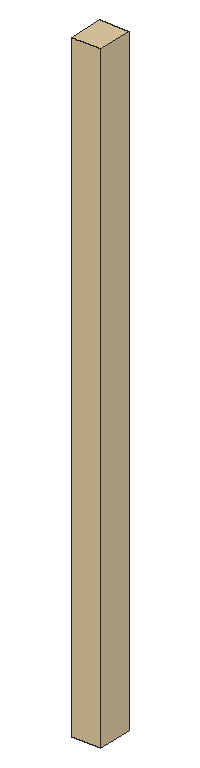
Revit family "Glulam-Western Species-Column", category 구조 기둥, Revit 2026
Family settings
  단면 모양 = 정의되지 않음
  모델 동작 재료 = 목재
  항상 형상으로 내보내기 = 아니오
  평면의 보 전환 = 경계 상자에서
  로드될 때 보이드를 사용하여 절단 = 아니오
  기호 표현 = 프로젝트 설정에서
  공유 = 아니오
  평면도에서 미리 절단된 패밀리 표시 = 예
Parameters (values of type "5.125x6")
  Structural Material [instance] = Wood - Dimensional Lumber
  A = 30.24 in²
  조합 코드 = "B10"
  Ix = 92.3
  Iy = 67.31
  Laminations = "4"
  Sx = 30.75
  Sy = 26.27
  b = 0' - 5 1/8"
  d = 0' - 6"
Types (2): name | A | Ix | Iy | Sx | Sy | b
  5.125x6 | 30.24 in² | 92.3 | 67.31 | 30.75 | 26.27 | 0' - 5 1/8"
  3.125x6 | 18.72 in² | 56.25 | 15.26 | 18.75 | 9.77 | 0' - 3 1/8"
Reference planes (in)
  plane 1 "Center (Front/Back)": y = 0
  plane 2: z = 0
  plane 3 "Center (Left/Right)": x = 0
  plane 4: x = -2.5625
  plane 5: x = 2.5625
  plane 6: y = 3
  plane 7: y = -3
Forms (in)
  Extrusion 1, solid, material "Wood - Dimensional Lumber" <- "Structural Material", detail levels medium+fine
    sketch origin (0, 0, 0) x (1, 0, 0) y (0, 1, 0)
      loop
        line (-2.5625, 3) -> (-2.5625, -3) -> (2.5625, -3) -> (2.5625, 3) -> (-2.5625, 3)
    from 0 to 108
Lines and regions (in)
  symbolic lines, style "StructuralColumnStickSymbols", detail levels coarse
    curve 1: line (-2.5625, 3, 0) -> (2.5625, 3, 0)
    curve 2: line (-2.5625, -3, 0) -> (2.5625, -3, 0)
    curve 3: line (-2.5625, 3, 0) -> (-2.5625, -3, 0)
    curve 4: line (2.5625, 3, 0) -> (2.5625, -3, 0)
Dimensions and locks (in)
  equal spacing: plane 4, plane 3 "Center (Left/Right)", plane 5
  equal spacing: plane 7, plane 1 "Center (Front/Back)", plane 6
  "d": plane 7 to plane 6
  "b": plane 4 to plane 5
  aligned and locked: plane 6 to Extrusion 1 sketch curve
  aligned and locked: Extrusion 1 sketch curve to plane 7
  aligned and locked: Extrusion 1 sketch curve to plane 4
  aligned and locked: plane 5 to Extrusion 1 sketch curve
  aligned and locked: level to Extrusion 1
  aligned and locked: level to plane 2
  aligned and locked: Extrusion 1 to plane 2
Automatic sketch dimensions
  curve 3 to plane 4 = 0' - 0"
  curve 4 to plane 5 = 0' - 0"
  curve 3 to plane 7 = 0' - 0"
  curve 3 to plane 6 = 0' - 0"
